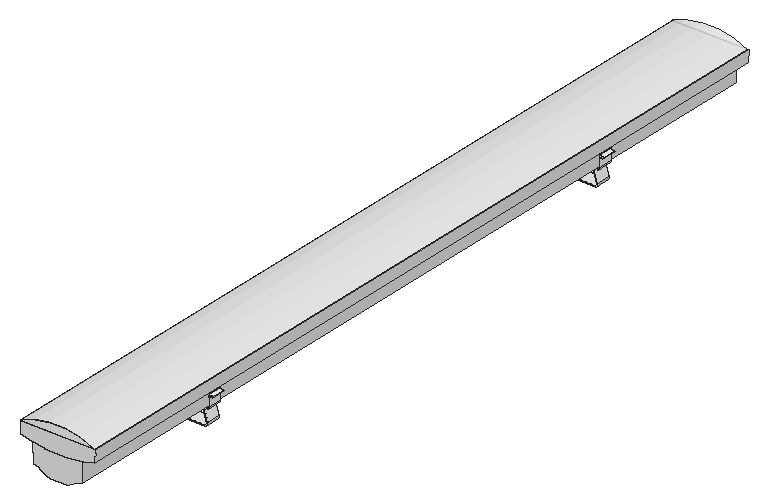
Revit family "Lighting-Industriale-GEWISS-SMART[3]PLUS-PLAFONIERA-LED_OPALE_1200mm", category Apparecchi per illuminazione, host Superficie, Revit 2019
Family settings
  Host = Superficie
  Quota connettore circolare = Usa diametro
  Tipo di parte = Normale
  Numero OmniClass = 23.80.70.11
  Titolo OmniClass = Luminaries for Internal Lighting
  Taglio con vuoti quando caricato = No
  Sorgente d'illuminazione = Sì
  Condiviso = No
  Punto di calcolo locali = No
Parameters (values of type "GWS3223AP957 - SMART3 PLUS 1200 T.W.DALI HE OPAL 9 57")
  Wattage = 27 W
  Visibilita_etichetta [instance] = yes
  Versione file RFA = "20.0"
  Variazione temperatura colore lampada con luminosità attenuata = (empty or 0)
  URL = "https://www.gewiss.com/it/it"
  Tipologia sorgente luminosa = "LED - Non sostituibile"
  Tipologia = "DALI"
  Tipo alimentatore = ""
  Tensione = "220-240 V "
  Temperatura di utilizzo = "-25 +50 °C"
  Temperatura di funzionamento = "-25 +50 °C"
  Temperatura di colore: = "5700 K (CRI > 90)"
  Temperatura di colore = "5700 K (CRI > 90)"
  built-in parameter 1150107 = 5700 (stored number, unit not read)
  Struttura = GEWISS - SMART 3 - GRIGIO
  Stampa 1_200 = no
  Stampa 1_100 = not(Stampa 1_200)  # yes
  Spostamento_Y_etichetta [instance] = 0 mm
  Spostamento_Y_effettivo_etichetta [instance] = 1500 mm - Spostamento_Y_etichetta  # 1500 mm
  Spostamento_X_etichetta [instance] = 0 mm
  Spostamento_X_effettivo_etichetta [instance] = 1500 mm - Spostamento_X_etichetta  # 1500 mm
  Schermo. = Gewiss - Led Acceso
  Schermo = "Opale"
  Scheda Tecnica = "https://www.gewiss.com/it/it/search?q=GWS3223AP957"
  SEO = "Plafoniera"
  Resistenza agli urti = "IK08"
  Default Elevation = 1219.2 mm
  Produttore = "GEWISS S.p.A."
  Potenza di sistema = "38 W"
  Peso (kg): = ""
  built-in parameter 1150110 = 1 (stored number, unit not read)
  built-in parameter 1150109 = 1 (stored number, unit not read)
  built-in parameter 1114218 = 1 (stored number, unit not read)
  built-in parameter 1150112 = 1 (stored number, unit not read)
  NÂ° LED (#) = ""
  Modello = "GWS3223AP957"
  built-in parameter 1150137 = (empty or 0)
  built-in parameter 1150132 = (empty or 0)
  Lunghezza Lampada = 1200 mm  # constant formula
  Lunghezza = "1200 mm"
  Lumen output (lm) = "3900"
  Lampada: = "LED"
  Lampada = "LED"
  LED LifeTime (L80B20) = ""
  LED Life time (L90B50) = ""
  LED Life time (L80B50) = ""
  LED Life time (L70) = ""
  built-in parameter 1150105 = 1406.7 (stored number, unit not read)
  built-in parameter 1150102 = (empty or 0)
  Type Image = GWS3136P.jpg
  built-in parameter 1150106 = 14.067 (stored number, unit not read)
  IFC.TypeObject = ""
  IFC.ExportType = ""
  IFC.ExportAs = ""
  IDT = "84740947-4458-4bd0-8500-a6808f406d3d"
  IDF = "21730bf6-da11-482f-b15b-c8c97d5f9984"
  Grado di protezione = "IP66/IP69"
  Glow Wire Test = "850°C"
  Garanzia = "5 anni"
  Ganci = GEWISS  - ALLUMINIO
  Flusso nominale (lm) = ""
  Lumens = 4010.63 lm
  Color Filter = 16777215
  File diagramma fotometrico = "GWS3223AP957.IES"
  built-in parameter 1114217 = 1 (stored number, unit not read)
  built-in parameter 1150139 = (empty or 0)
  Failure rate apparecchio (50.000h, Tq=25Â° C) = ""
  Failure rate apparecchio (35.000h, Tq=35Â° C) = ""
  Emetti da lunghezza linea = 700 mm
  built-in parameter 1150104 = 13.8 (stored number, unit not read)
  built-in parameter 1150115 = 1 (stored number, unit not read)
  built-in parameter 1150114 = 1 (stored number, unit not read)
  built-in parameter 1150113 = 1 (stored number, unit not read)
  Descrizione = "SMART3 PLUS 1200 T.W.DALI HE OPAL 9 57"
  Creato da GEWISS S.p.A. = ""
  Commenti sul wattaggio = "45W"
  built-in parameter 1150134 = (empty or 0)
  built-in parameter 1150138 = (empty or 0)
  Codice Electrocod = "2434"
  Codice EAN = ""
  Classe isolamento = "II"
  Classe di efficienza LED integrati = "A ÷ A++"
  Catalogo Serie = "SMART[3] PLUS"
  Catalogo = "LIGHTING"
  Carico apparente = 45 VA
  COBie.Tagnumber = ""
  COBie.CreatedOn = ""
  COBie.CreatebBy = ""
  COBie.ComponentRegisterItemID = ""
  COBie.Component.TagNumber = ""
  COBie.Component.Space = ""
  COBie.Component.SerialNumber = ""
  COBie.Component.InstallationDate = ""
  COBie.Component.Description = ""
  COBie.Component.BarCode = ""
  Applicazione = "Interno"
  Apparecchio a ridotta temperatura superficiale = ""
  Tilt Angle = -90.00°
  built-in parameter 1150133 = 10 (stored number, unit not read)
Types (25, lengths in mm): name | Wattage | Tipologia | Temperatura di colore: | Temperatura di colore | built-in parameter 1150107 | Scheda Tecnica | Potenza di sistema | Modello | Lumen output (lm) | built-in parameter 1150105 | built-in parameter 1150106 | IDT | Lumens | File diagramma fotometrico | Emetti da lunghezza linea | built-in parameter 1150104 | Descrizione | Commenti sul wattaggio | Carico apparente
  (no name) | 27 W | "DALI" | "5700 K (CRI > 90)" | "5700 K (CRI > 90)" | 5700 (stored number, unit not read) | "https://www.gewiss.com/it/it/search?q=GWS3223AP957" | "38 W" | "GWS3223AP957" | "3900" | 1406.7 (stored number, unit not read) | 14.067 (stored number, unit not read) | "84740947-4458-4bd0-8500-a6808f406d3d" | 4010.63 lm | "GWS3223AP957.IES" | 700 | 13.8 (stored number, unit not read) | "SMART3 PLUS 1200 T.W.DALI HE OPAL 9 57" | "45W" | 45 VA
  GWS3222AP840 - SMART3 PLUS 1200 T.W.ON/OFF HE OPAL 8 40 | 27 W | "" | "4000 K (CRI > 80)" | "4000 K (CRI > 80)" | 5700 (stored number, unit not read) | "https://www.gewiss.com/it/it/search?q=GWS3222AP840" | "36 W" | "GWS3222AP840" | "5000" | 1406.7 (stored number, unit not read) | 14.067 (stored number, unit not read) | "0d3f9429-c22b-475f-9636-5bf71b93c541" | 4010.63 lm | "GWS3222AP840.IES" | 700 | 13.8 (stored number, unit not read) | "SMART3 PLUS 1200 T.W.ON/OFF HE OPAL 8 40" | "43W" | 43 VA
  GWS3220AP940 - SMART3 PLUS 1200 ON/OFF HE OPAL 9 40 | 20 W | "" | "4000 K (CRI > 90)" | "4000 K (CRI > 90)" | 3000 (stored number, unit not read) | "https://www.gewiss.com/it/it/search?q=GWS3220AP940" | "36 W" | "GWS3220AP940" | "3900" | 15291.9 (stored number, unit not read) | 152.92 (stored number, unit not read) | "e7068b04-26ef-4bc0-babd-aa1d6982b062" | 43600 lm | "GWS3220AP940.IES" | 700 | 202.53 (stored number, unit not read) | "SMART3 PLUS 1200 ON/OFF HE OPAL 9 40" | "22W" | 22 VA
  GWS3220AP957 - SMART3 PLUS 1200 ON/OFF HE OPAL 9 57 | 27 W | "" | "5700 K (CRI > 90)" | "5700 K (CRI > 90)" | 5700 (stored number, unit not read) | "https://www.gewiss.com/it/it/search?q=GWS3220AP957" | "36 W" | "GWS3220AP957" | "3900" | 1406.7 (stored number, unit not read) | 14.067 (stored number, unit not read) | "a5b87bab-2ca1-41d5-a7b9-1111eeb238cd" | 4010.63 lm | "GWS3220AP957.IES" | 1000 | 13.8 (stored number, unit not read) | "SMART3 PLUS 1200 ON/OFF HE OPAL 9 57" | "22W" | 22 VA
  GWS3222AP930 - SMART3 PLUS 1200 T.W.ON/OFF HE OPAL 9 30 | 27 W | "" | "3000 K (CRI > 90)" | "3000 K (CRI > 90)" | 5700 (stored number, unit not read) | "https://www.gewiss.com/it/it/search?q=GWS3222AP930" | "36 W" | "GWS3222AP930" | "3700" | 1406.7 (stored number, unit not read) | 14.067 (stored number, unit not read) | "89a32d22-026f-4630-af17-26f132fc07e6" | 4010.63 lm | "GWS3222AP930.IES" | 700 | 13.8 (stored number, unit not read) | "SMART3 PLUS 1200 T.W.ON/OFF HE OPAL 9 30" | "45W" | 45 VA
  GWS3222AP857 - SMART3 PLUS 1200 T.W.ON/OFF HE OPAL 8 57 | 27 W | "" | "5700 K (CRI > 80)" | "5700 K (CRI > 80)" | 5700 (stored number, unit not read) | "https://www.gewiss.com/it/it/search?q=GWS3222AP857" | "36 W" | "GWS3222AP857" | "5000" | 1406.7 (stored number, unit not read) | 14.067 (stored number, unit not read) | "e7beca3f-74ad-4f4d-80ce-06d36035a6da" | 4010.63 lm | "GWS3222AP857.IES" | 700 | 13.8 (stored number, unit not read) | "SMART3 PLUS 1200 T.W.ON/OFF HE OPAL 8 57" | "45W" | 45 VA
  GWS3222AP957 - SMART3 PLUS 1200 T.W.ON/OFF HE OPAL 9 57 | 27 W | "" | "5700 K (CRI > 90)" | "5700 K (CRI > 90)" | 5700 (stored number, unit not read) | "https://www.gewiss.com/it/it/search?q=GWS3222AP957" | "36 W" | "GWS3222AP957" | "3900" | 1406.7 (stored number, unit not read) | 14.067 (stored number, unit not read) | "fb2d8e2f-31ae-46e2-8e76-3422ad898fdd" | 4010.63 lm | "GWS3222AP957.IES" | 700 | 13.8 (stored number, unit not read) | "SMART3 PLUS 1200 T.W.ON/OFF HE OPAL 9 57" | "45W" | 45 VA
  GWS3221AP830 - SMART3 PLUS 1200 DALI HE OPAL 8 30 | 27 W | "DALI" | "3000 K (CRI > 80)" | "3000 K (CRI > 80)" | 5700 (stored number, unit not read) | "https://www.gewiss.com/it/it/search?q=GWS3221AP830" | "38 W" | "GWS3221AP830" | "4700" | 1406.7 (stored number, unit not read) | 14.067 (stored number, unit not read) | "8df6979c-1043-4f18-a851-972a7536ec69" | 4010.63 lm | "GWS3221AP830.IES" | 1000 | 13.8 (stored number, unit not read) | "SMART3 PLUS 1200 DALI HE OPAL 8 30" | "20W" | 20 VA
  GWS3221AP840 - SMART3 PLUS 1200 DALI HE OPAL 8 40 | 27 W | "DALI" | "4000 K (CRI > 80)" | "4000 K (CRI > 80)" | 5700 (stored number, unit not read) | "https://www.gewiss.com/it/it/search?q=GWS3221AP840" | "38 W" | "GWS3221AP840" | "5000" | 1406.7 (stored number, unit not read) | 14.067 (stored number, unit not read) | "00e2a6ee-ce61-4677-a987-b92e7aec1671" | 4010.63 lm | "GWS3221AP840.IES" | 700 | 13.8 (stored number, unit not read) | "SMART3 PLUS 1200 DALI HE OPAL 8 40" | "20W" | 20 VA
  GWS3221AP857 - SMART3 PLUS 1200 DALI HE OPAL 8 57 | 27 W | "DALI" | "5700 K (CRI > 80)" | "5700 K (CRI > 80)" | 5700 (stored number, unit not read) | "https://www.gewiss.com/it/it/search?q=GWS3221AP857" | "38 W" | "GWS3221AP857" | "5000" | 1406.7 (stored number, unit not read) | 14.067 (stored number, unit not read) | "f4a89329-e9a9-43f2-8a98-1295551ec5b5" | 4010.63 lm | "GWS3221AP857.IES" | 700 | 13.8 (stored number, unit not read) | "SMART3 PLUS 1200 DALI HE OPAL 8 57" | "20W" | 20 VA
  GWS3221AP930 - SMART3 PLUS 1200 DALI HE OPAL 9 30 | 27 W | "DALI" | "3000 K (CRI > 90)" | "3000 K (CRI > 90)" | 5700 (stored number, unit not read) | "https://www.gewiss.com/it/it/search?q=GWS3221AP930" | "38 W" | "GWS3221AP930" | "3700" | 1406.7 (stored number, unit not read) | 14.067 (stored number, unit not read) | "baa6109a-3459-4c64-b184-4c6fbba45762" | 4010.63 lm | "GWS3221AP930.IES" | 700 | 13.8 (stored number, unit not read) | "SMART3 PLUS 1200 DALI HE OPAL 9 30" | "20W" | 20 VA
  GWS3221AP940 - SMART3 PLUS 1200 DALI HE OPAL 9 40 | 27 W | "DALI" | "4000 K (CRI > 90)" | "4000 K (CRI > 90)" | 5700 (stored number, unit not read) | "https://www.gewiss.com/it/it/search?q=GWS3221AP940" | "38 W" | "GWS3221AP940" | "3900" | 1406.7 (stored number, unit not read) | 14.067 (stored number, unit not read) | "15c28b0e-0032-4508-8b66-b33155fb1d73" | 4010.63 lm | "GWS3221AP940.IES" | 700 | 13.8 (stored number, unit not read) | "SMART3 PLUS 1200 DALI HE OPAL 9 40" | "20W" | 20 VA
  GWS3221AP957 - SMART3 PLUS 1200 DALI HE OPAL 9 57 | 27 W | "DALI" | "5700 K (CRI > 90)" | "5700 K (CRI > 90)" | 5700 (stored number, unit not read) | "https://www.gewiss.com/it/it/search?q=GWS3221AP957" | "38 W" | "GWS3221AP957" | "3900" | 1406.7 (stored number, unit not read) | 14.067 (stored number, unit not read) | "db1158eb-94b1-46af-8d42-f3143d372cd5" | 4010.63 lm | "GWS3221AP957.IES" | 700 | 13.8 (stored number, unit not read) | "SMART3 PLUS 1200 DALI HE OPAL 9 57" | "20W" | 20 VA
  GWS3223AP940 - SMART3 PLUS 1200 T.W.DALI HE OPAL 9 40 | 27 W | "DALI" | "4000 K (CRI > 90)" | "4000 K (CRI > 90)" | 5700 (stored number, unit not read) | "https://www.gewiss.com/it/it/search?q=GWS3223AP940" | "38 W" | "GWS3223AP940" | "3900" | 1406.7 (stored number, unit not read) | 14.067 (stored number, unit not read) | "86c8ca46-e5a8-4727-ba5f-19a50429f910" | 4010.63 lm | "GWS3223AP940.IES" | 700 | 13.8 (stored number, unit not read) | "SMART3 PLUS 1200 T.W.DALI HE OPAL 9 40" | "43W" | 43 VA
  GWS3222AP830 - SMART3 PLUS 1200 T.W.ON/OFF HE OPAL 8 30 | 27 W | "" | "3000 K (CRI > 80)" | "3000 K (CRI > 80)" | 5700 (stored number, unit not read) | "https://www.gewiss.com/it/it/search?q=GWS3222AP830" | "36 W" | "GWS3222AP830" | "4700" | 1406.7 (stored number, unit not read) | 14.067 (stored number, unit not read) | "49236bba-221f-4504-be8b-9bd25f0a9973" | 4010.63 lm | "GWS3222AP830.IES" | 700 | 13.8 (stored number, unit not read) | "SMART3 PLUS 1200 T.W.ON/OFF HE OPAL 8 30" | "43W" | 43 VA
  GWS3223AP830 - SMART3 PLUS 1200 T.W.DALI HE OPAL 8 30 | 27 W | "DALI" | "3000 K (CRI > 80)" | "3000 K (CRI > 80)" | 5700 (stored number, unit not read) | "https://www.gewiss.com/it/it/search?q=GWS3223AP830" | "38 W" | "GWS3223AP830" | "4700" | 1406.7 (stored number, unit not read) | 14.067 (stored number, unit not read) | "1118e45e-dcd3-4871-ba43-05d383a1b80a" | 4010.63 lm | "GWS3223AP830.IES" | 700 | 13.8 (stored number, unit not read) | "SMART3 PLUS 1200 T.W.DALI HE OPAL 8 30" | "43W" | 43 VA
  GWS3222AP940 - SMART3 PLUS 1200 T.W.ON/OFF HE OPAL 9 40 | 27 W | "" | "4000 K (CRI > 90)" | "4000 K (CRI > 90)" | 5700 (stored number, unit not read) | "https://www.gewiss.com/it/it/search?q=GWS3222AP940" | "36 W" | "GWS3222AP940" | "3900" | 1406.7 (stored number, unit not read) | 14.067 (stored number, unit not read) | "9c9d4890-e7fa-448e-b07c-88db7e59b219" | 4010.63 lm | "GWS3222AP940.IES" | 700 | 13.8 (stored number, unit not read) | "SMART3 PLUS 1200 T.W.ON/OFF HE OPAL 9 40" | "45W" | 45 VA
  GWS3223AP957 - SMART3 PLUS 1200 T.W.DALI HE OPAL 9 57 | 27 W | "DALI" | "5700 K (CRI > 90)" | "5700 K (CRI > 90)" | 5700 (stored number, unit not read) | "https://www.gewiss.com/it/it/search?q=GWS3223AP957" | "38 W" | "GWS3223AP957" | "3900" | 1406.7 (stored number, unit not read) | 14.067 (stored number, unit not read) | "84740947-4458-4bd0-8500-a6808f406d3d" | 4010.63 lm | "GWS3223AP957.IES" | 700 | 13.8 (stored number, unit not read) | "SMART3 PLUS 1200 T.W.DALI HE OPAL 9 57" | "45W" | 45 VA
  GWS3223AP840 - SMART3 PLUS 1200 T.W.DALI HE OPAL 8 40 | 27 W | "DALI" | "4000 K (CRI > 80)" | "4000 K (CRI > 80)" | 5700 (stored number, unit not read) | "https://www.gewiss.com/it/it/search?q=GWS3223AP840" | "38 W" | "GWS3223AP840" | "5000" | 1406.7 (stored number, unit not read) | 14.067 (stored number, unit not read) | "02848657-2dc2-44a1-b034-c52d90df2ab5" | 4010.63 lm | "GWS3223AP840.IES" | 700 | 13.8 (stored number, unit not read) | "SMART3 PLUS 1200 T.W.DALI HE OPAL 8 40" | "45W" | 45 VA
  GWS3220AP840 - SMART3 PLUS 1200 ON/OFF HE OPAL 8 40 | 27 W | "" | "4000 K (CRI > 80)" | "4000 K (CRI > 80)" | 5700 (stored number, unit not read) | "https://www.gewiss.com/it/it/search?q=GWS3220AP840" | "36 W" | "GWS3220AP840" | "5000" | 1406.7 (stored number, unit not read) | 14.067 (stored number, unit not read) | "ccb9315e-8b98-4913-a433-5ac34c7d87d2" | 4010.63 lm | "GWS3220AP840.IES" | 700 | 13.8 (stored number, unit not read) | "SMART3 PLUS 1200 ON/OFF HE OPAL 8 40" | "20W" | 20 VA
  GWS3220AP857 - SMART3 PLUS 1200 ON/OFF HE OPAL 8 57 | 27 W | "" | "5700 K (CRI > 80)" | "5700 K (CRI > 80)" | 5700 (stored number, unit not read) | "https://www.gewiss.com/it/it/search?q=GWS3220AP857" | "36 W" | "GWS3220AP857" | "5000" | 1406.7 (stored number, unit not read) | 14.067 (stored number, unit not read) | "0e4d414c-51cd-4b0b-8ef3-3038ca59cee3" | 4010.63 lm | "GWS3220AP857.IES" | 700 | 13.8 (stored number, unit not read) | "SMART3 PLUS 1200 ON/OFF HE OPAL 8 57" | "20W" | 20 VA
  GWS3220AP930 - SMART3 PLUS 1200 ON/OFF HE OPAL 9 30 | 27 W | "" | "3000 K (CRI > 90)" | "3000 K (CRI > 90)" | 5700 (stored number, unit not read) | "https://www.gewiss.com/it/it/search?q=GWS3220AP930" | "36 W" | "GWS3220AP930" | "3700" | 1406.7 (stored number, unit not read) | 14.067 (stored number, unit not read) | "31d907c3-c7c7-4312-9e3d-e90a70610cbd" | 4010.63 lm | "GWS3220AP930.IES" | 700 | 13.8 (stored number, unit not read) | "SMART3 PLUS 1200 ON/OFF HE OPAL 9 30" | "20W" | 20 VA
  GWS3223AP930 - SMART3 PLUS 1200 T.W.DALI HE OPAL 9 30 | 27 W | "DALI" | "3000 K (CRI > 90)" | "3000 K (CRI > 90)" | 5700 (stored number, unit not read) | "https://www.gewiss.com/it/it/search?q=GWS3223AP930" | "38 W" | "GWS3223AP930" | "3700" | 1406.7 (stored number, unit not read) | 14.067 (stored number, unit not read) | "c4e0bfc1-6811-4b7b-9053-68611e14df82" | 4010.63 lm | "GWS3223AP930.IES" | 700 | 13.8 (stored number, unit not read) | "SMART3 PLUS 1200 T.W.DALI HE OPAL 9 30" | "43W" | 43 VA
  GWS3223AP857 - SMART3 PLUS 1200 T.W.DALI HE OPAL 8 57 | 27 W | "DALI" | "5700 K (CRI > 80)" | "5700 K (CRI > 80)" | 5700 (stored number, unit not read) | "https://www.gewiss.com/it/it/search?q=GWS3223AP857" | "38 W" | "GWS3223AP857" | "5000" | 1406.7 (stored number, unit not read) | 14.067 (stored number, unit not read) | "5e684c26-3f32-4693-8877-4f8f00335e89" | 4010.63 lm | "GWS3223AP857.IES" | 700 | 13.8 (stored number, unit not read) | "SMART3 PLUS 1200 T.W.DALI HE OPAL 8 57" | "43W" | 43 VA
  GWS3220AP830 - SMART3 PLUS 1200 ON/OFF HE OPAL 8 30 | 27 W | "" | "3000 K (CRI > 80)" | "3000 K (CRI > 80)" | 5700 (stored number, unit not read) | "https://www.gewiss.com/it/it/search?q=GWS3220AP830" | "36 W" | "GWS3220AP830" | "4700" | 1406.7 (stored number, unit not read) | 14.067 (stored number, unit not read) | "a39845c1-0995-407d-b047-f61a10c9b95c" | 4010.63 lm | "GWS3220AP830.IES" | 700 | 13.8 (stored number, unit not read) | "SMART3 PLUS 1200 ON/OFF HE OPAL 8 30" | "20W" | 20 VA
Values of the unnamed type that differ from the named types
  Variazione temperatura colore lampada con luminosità attenuata = <Nessuno>
Reference planes
  plane 1 "Centro (Fronte/Retro)": y = 0
  plane 2: z = 0
  plane 3 "Centro (Sinistra/Destra)": x = 0
  plane 4: x = -1500
  plane 5: y = -1500
  plane 6: x = 0
  plane 7: y = 0
Forms (mm)
  Extrusion 1, solid, material "GEWISS  - ALLUMINIO" <- "Ganci", detail levels medium+fine
    sketch origin (0, 0, 0) x (1, 0, 0) y (0, 0, 1)
      loop
        arc (31.431, -0.002) -> (34.576, 1.589) -> (35.156, 5.066) r 3.903
        line (35.156, 5.066) -> (29.612, 23.211)
        arc (29.612, 23.211) -> (29.883, 24.381) -> (31.032, 24.73) r 1.2
        line (31.032, 24.73) -> (34.307, 23.974)
        arc (34.307, 23.974) -> (36.765, 24.53) -> (37.859, 26.8) r 2.9
        line (37.859, 26.8) -> (37.859, 38.8)
        arc (37.859, 38.8) -> (37.648, 39.694) -> (37.059, 40.4) r 2
        line (37.059, 40.4) -> (37.059, 42.71) -> (42.861, 40.598) -> (43.203, 41.538) -> (37.53, 43.603)
        arc (37.53, 43.603) -> (37.019, 43.613) -> (36.605, 43.311) r 0.8
        line (36.605, 43.311) -> (36.306, 26.139)
        arc (36.306, 26.139) -> (35.6, 25.444) -> (34.616, 25.34) r 1.5
        line (34.616, 25.34) -> (31.344, 26.095)
        arc (31.344, 26.095) -> (28.858, 25.335) -> (28.273, 22.802) r 2.6
        line (28.273, 22.802) -> (33.827, 4.636)
        arc (33.827, 4.636) -> (33.449, 2.415) -> (31.438, 1.4) r 2.5
        line (31.438, 1.4) -> (-31.437, 1.4)
        arc (-31.437, 1.4) -> (-33.449, 2.415) -> (-33.827, 4.636) r 2.5
        line (-33.827, 4.636) -> (-28.273, 22.802)
        arc (-28.273, 22.802) -> (-28.858, 25.335) -> (-31.344, 26.095) r 2.6
        line (-31.344, 26.095) -> (-34.616, 25.34)
        arc (-34.616, 25.34) -> (-35.6, 25.444) -> (-36.306, 26.139) r 1.5
        line (-36.306, 26.139) -> (-36.605, 43.311)
        arc (-36.605, 43.311) -> (-37.019, 43.613) -> (-37.53, 43.603) r 0.8
        line (-37.53, 43.603) -> (-43.203, 41.538) -> (-42.861, 40.598) -> (-37.059, 42.71) -> (-37.059, 40.4)
        arc (-37.059, 40.4) -> (-37.648, 39.694) -> (-37.859, 38.8) r 2
        line (-37.859, 38.8) -> (-37.859, 26.8)
        arc (-37.859, 26.8) -> (-36.765, 24.53) -> (-34.307, 23.974) r 2.9
        line (-34.307, 23.974) -> (-31.032, 24.73)
        arc (-31.032, 24.73) -> (-29.883, 24.381) -> (-29.612, 23.211) r 1.2
        line (-29.612, 23.211) -> (-35.156, 5.066)
        arc (-35.156, 5.066) -> (-34.576, 1.589) -> (-31.431, -0.002) r 3.903
        line (-31.431, -0.002) -> (31.431, -0.002)
    from 348.766 to 368.766
  Extrusion 2, solid, material "GEWISS  - ALLUMINIO" <- "Ganci", detail levels medium+fine
    sketch origin (0, 0, 0) x (1, 0, 0) y (0, 0, -1)
      loop
        line (31.431, 0.002) -> (-31.431, 0.002)
        arc (-31.431, 0.002) -> (-34.576, -1.589) -> (-35.156, -5.066) r 3.903
        line (-35.156, -5.066) -> (-29.612, -23.211)
        arc (-29.612, -23.211) -> (-29.883, -24.381) -> (-31.032, -24.73) r 1.2
        line (-31.032, -24.73) -> (-34.307, -23.974)
        arc (-34.307, -23.974) -> (-36.765, -24.53) -> (-37.859, -26.8) r 2.9
        line (-37.859, -26.8) -> (-37.859, -38.8)
        arc (-37.859, -38.8) -> (-37.648, -39.694) -> (-37.059, -40.4) r 2
        line (-37.059, -40.4) -> (-37.059, -42.71) -> (-42.861, -40.598) -> (-43.203, -41.538) -> (-37.53, -43.603)
        arc (-37.53, -43.603) -> (-37.019, -43.613) -> (-36.605, -43.311) r 0.8
        line (-36.605, -43.311) -> (-36.306, -26.139)
        arc (-36.306, -26.139) -> (-35.6, -25.444) -> (-34.616, -25.34) r 1.5
        line (-34.616, -25.34) -> (-31.344, -26.095)
        arc (-31.344, -26.095) -> (-28.858, -25.335) -> (-28.273, -22.802) r 2.6
        line (-28.273, -22.802) -> (-33.827, -4.636)
        arc (-33.827, -4.636) -> (-33.449, -2.415) -> (-31.437, -1.4) r 2.5
        line (-31.437, -1.4) -> (31.438, -1.4)
        arc (31.438, -1.4) -> (33.449, -2.415) -> (33.827, -4.636) r 2.5
        line (33.827, -4.636) -> (28.273, -22.802)
        arc (28.273, -22.802) -> (28.858, -25.335) -> (31.344, -26.095) r 2.6
        line (31.344, -26.095) -> (34.616, -25.34)
        arc (34.616, -25.34) -> (35.6, -25.444) -> (36.306, -26.139) r 1.5
        line (36.306, -26.139) -> (36.605, -43.311)
        arc (36.605, -43.311) -> (37.019, -43.613) -> (37.53, -43.603) r 0.8
        line (37.53, -43.603) -> (43.203, -41.538) -> (42.861, -40.598) -> (37.059, -42.71) -> (37.059, -40.4)
        arc (37.059, -40.4) -> (37.648, -39.694) -> (37.859, -38.8) r 2
        line (37.859, -38.8) -> (37.859, -26.8)
        arc (37.859, -26.8) -> (36.765, -24.53) -> (34.307, -23.974) r 2.9
        line (34.307, -23.974) -> (31.032, -24.73)
        arc (31.032, -24.73) -> (29.883, -24.381) -> (29.612, -23.211) r 1.2
        line (29.612, -23.211) -> (35.156, -5.066)
        arc (35.156, -5.066) -> (34.576, -1.589) -> (31.431, 0.002) r 3.903
    from 348.766 to 368.766
  Extrusion 3, solid, material "GEWISS - SMART 3 - GRIGIO" <- "Struttura", detail levels medium+fine
    sketch origin (0, 0, 0) x (1, 0, 0) y (0, 0, 1)
      loop
        line (-36.331, 55.757) -> (-35.847, 28.018)
        arc (-35.847, 28.018) -> (-33.139, 27.27) -> (-30.416, 26.58) r 129.5
        arc (-30.416, 26.58) -> (-28.066, 25.76) -> (-25.915, 24.506) r 13
        arc (-25.915, 24.506) -> (-24.23, 23.324) -> (-22.521, 22.178) r 99.5
        arc (-22.521, 22.178) -> (-16.401, 19.063) -> (-9.748, 17.365) r 31.146
        line (-9.748, 17.365) -> (12.491, 17.365)
        arc (12.491, 17.365) -> (17.822, 19.098) -> (22.764, 21.745) r 31.646
        arc (22.764, 21.745) -> (24.509, 22.915) -> (26.228, 24.122) r 100
        arc (26.228, 24.122) -> (28.283, 25.313) -> (30.525, 26.095) r 12.5
        arc (30.525, 26.095) -> (33.437, 26.834) -> (36.332, 27.64) r 130
        line (36.332, 27.64) -> (36.824, 55.851)
        arc (36.824, 55.851) -> (24.914, 53.937) -> (12.909, 52.764) r 195.047
        line (12.909, 52.764) -> (-12.909, 52.764)
        arc (-12.909, 52.764) -> (-24.665, 53.905) -> (-36.331, 55.757) r 195.047
    from -600 to 600
  Extrusion 4, solid, material "GEWISS - SMART 3 - GRIGIO" <- "Struttura", detail levels medium+fine
    sketch origin (0, 0, 0) x (1, 0, 0) y (0, 0, 1)
      loop
        line (54.725, 60.184) -> (55.177, 77.445) -> (-55.177, 77.445) -> (-54.725, 60.184)
        arc (-54.725, 60.184) -> (-34.019, 55.332) -> (-12.909, 52.764) r 195.047
        line (-12.909, 52.764) -> (12.909, 52.764)
        arc (12.909, 52.764) -> (34.019, 55.332) -> (54.725, 60.184) r 195.047
    from -600 to 600
  Extrusion 5, solid, material "Gewiss - Led Acceso" <- "Schermo.", detail levels medium+fine
    sketch origin (0, 0, 0) x (1, 0, 0) y (0, 0, 1)
      loop
        arc (54.697, 78.441) -> (-0.014, 90.457) -> (-54.723, 78.429) r 130.5
        arc (-54.723, 78.429) -> (-54.988, 77.838) -> (-54.5, 77.445) r 0.5
        line (-54.5, 77.445) -> (54.479, 77.445)
        arc (54.479, 77.445) -> (54.988, 77.855) -> (54.697, 78.441) r 0.522
    from -600 to 600
  Extrusion 6, solid, material "GEWISS - SMART 3 - GRIGIO" <- "Struttura", detail levels coarse
    sketch origin (0, 0, 0) x (1, 0, 0) y (0, 0, 1)
      loop
        line (-54.5, 90.439) -> (-54.5, 0) -> (54.5, 0) -> (54.5, 90.439) -> (-54.5, 90.439)
    from -600 to 600
Lines and regions (mm)
  Masking region 1
    outline origin (0, 0, 0) x (1, 0, 0) y (0, 1, 0)
      loop
        line (-55.177, 600) -> (-55.177, -600) -> (55.177, -600) -> (55.177, 600) -> (-55.177, 600)
  symbolic lines, style "GEWISS - LIGHT 2D"
    curve 1: line (0, 488.766, 0) -> (0, -535.897, 0)
Dimensions and locks
  plane 4 to plane 3 "Centro (Sinistra/Destra)" = 1500 mm
  "Spostamento_X_effettivo_etichetta": plane 4 to plane 6
  plane 1 "Centro (Fronte/Retro)" to plane 5 = 1500 mm
  "Spostamento_Y_effettivo_etichetta": plane 7 to plane 5
  aligned and locked: plane 2 to host face
  aligned and locked: level to host face
  aligned and locked: Masking region 1 sketch curve to Extrusion 4  (x4)
  aligned and locked: nested 1 to plane 7
  aligned and locked: plane 6 to nested 1
  aligned and locked: curve 1 to plane 3 "Centro (Sinistra/Destra)"
Automatic sketch dimensions
  host sketch curve to host sketch curve = 2438.4 mm  (x2)
  Extrusion 1 sketch curve to Extrusion 1 sketch curve = 0 mm  (x28)
  Extrusion 1 sketch curve to plane 3 "Centro (Sinistra/Destra)" = 43.203 mm
  level to Extrusion 1 sketch curve = 40.598 mm
  Extrusion 1 sketch curve to Extrusion 1 sketch curve = 0.342 mm  (x2)
  Extrusion 1 sketch curve to Extrusion 1 sketch curve = 5.002 mm  (x2)
  Extrusion 1 sketch curve to Extrusion 1 sketch curve = 0.329 mm
  Extrusion 1 sketch curve to Extrusion 1 sketch curve = 0.271 mm  (x2)
  Extrusion 1 sketch curve to Extrusion 1 sketch curve = 0.8 mm  (x2)
  Extrusion 1 sketch curve to Extrusion 1 sketch curve = 0.454 mm  (x2)
  Extrusion 1 sketch curve to Extrusion 1 sketch curve = 1.554 mm
  Extrusion 1 sketch curve to Extrusion 1 sketch curve = 2 mm
  level to Extrusion 1 sketch curve = 5.066 mm  (x2)
  Extrusion 1 sketch curve to Extrusion 1 sketch curve = 1.15 mm
  Extrusion 1 sketch curve to Extrusion 1 sketch curve = 1.346 mm  (x2)
  Extrusion 1 sketch curve to Extrusion 1 sketch curve = 0.343 mm  (x2)
  level to Extrusion 1 sketch curve = 4.636 mm  (x2)
  Extrusion 1 sketch curve to Extrusion 1 sketch curve = 1.329 mm  (x2)
  level to Extrusion 1 sketch curve = 1.4 mm
  Extrusion 1 sketch curve to Extrusion 1 sketch curve = 2.389 mm  (x2)
  Extrusion 1 sketch curve to Extrusion 1 sketch curve = 0.007 mm  (x2)
  Extrusion 1 sketch curve to Extrusion 1 sketch curve = 3.584 mm  (x2)
  Extrusion 1 sketch curve to Extrusion 1 sketch curve = 0.273 mm  (x2)
  plane 3 "Centro (Sinistra/Destra)" to Extrusion 1 sketch curve = 30.759 mm
  Extrusion 1 sketch curve to level = 0.002 mm
  Extrusion 1 sketch curve to Extrusion 1 sketch curve = 0.672 mm
  Extrusion 1 sketch curve to Extrusion 1 sketch curve = 0.9 mm
  level to Extrusion 1 sketch curve = 26.139 mm
  Extrusion 1 sketch curve to Extrusion 1 sketch curve = 0.746 mm
  Extrusion 1 sketch curve to Extrusion 1 sketch curve = 0.2 mm
  Extrusion 1 sketch curve to Extrusion 1 sketch curve = 2.577 mm
  Extrusion 1 sketch curve to Extrusion 1 sketch curve = 18.496 mm
  Extrusion 1 sketch curve to Extrusion 1 sketch curve = 1.169 mm  (x2)
  Extrusion 1 sketch curve to Extrusion 1 sketch curve = 0.799 mm  (x2)
  Extrusion 1 sketch curve to Extrusion 1 sketch curve = 0.609 mm
  Extrusion 1 sketch curve to Extrusion 1 sketch curve = 1.798 mm  (x2)
  Extrusion 1 sketch curve to Extrusion 1 sketch curve = 12 mm
  Extrusion 1 sketch curve to Extrusion 1 sketch curve = 0.94 mm  (x2)
  Extrusion 1 sketch curve to Extrusion 1 sketch curve = 0.14 mm  (x2)
  Extrusion 1 sketch curve to Extrusion 1 sketch curve = 0.309 mm  (x2)
  Extrusion 1 sketch curve to Extrusion 1 sketch curve = 0.312 mm  (x2)
  Extrusion 1 sketch curve to Extrusion 1 sketch curve = 1.148 mm  (x2)
  Extrusion 1 sketch curve to Extrusion 1 sketch curve = 1.339 mm
  Extrusion 1 sketch curve to Extrusion 1 sketch curve = 2.486 mm
  Extrusion 1 sketch curve to Extrusion 1 sketch curve = 0.409 mm  (x2)
  Extrusion 2 sketch curve to Extrusion 2 sketch curve = 0 mm  (x28)
  Extrusion 2 sketch curve to plane 3 "Centro (Sinistra/Destra)" = 43.203 mm
  level to Extrusion 2 sketch curve = 40.598 mm
  Extrusion 2 sketch curve to Extrusion 2 sketch curve = 0.342 mm  (x2)
  Extrusion 2 sketch curve to Extrusion 2 sketch curve = 5.002 mm  (x2)
  Extrusion 2 sketch curve to Extrusion 2 sketch curve = 0.329 mm
  Extrusion 2 sketch curve to Extrusion 2 sketch curve = 0.271 mm  (x2)
  Extrusion 2 sketch curve to Extrusion 2 sketch curve = 0.8 mm  (x2)
  Extrusion 2 sketch curve to Extrusion 2 sketch curve = 0.454 mm  (x2)
  Extrusion 2 sketch curve to Extrusion 2 sketch curve = 1.554 mm
  Extrusion 2 sketch curve to Extrusion 2 sketch curve = 2 mm
  level to Extrusion 2 sketch curve = 5.066 mm  (x2)
  Extrusion 2 sketch curve to Extrusion 2 sketch curve = 1.15 mm
  Extrusion 2 sketch curve to Extrusion 2 sketch curve = 1.346 mm  (x2)
  Extrusion 2 sketch curve to Extrusion 2 sketch curve = 0.343 mm  (x2)
  level to Extrusion 2 sketch curve = 4.636 mm  (x2)
  Extrusion 2 sketch curve to Extrusion 2 sketch curve = 1.329 mm  (x2)
  level to Extrusion 2 sketch curve = 1.4 mm
  Extrusion 2 sketch curve to Extrusion 2 sketch curve = 2.389 mm  (x2)
  Extrusion 2 sketch curve to Extrusion 2 sketch curve = 0.007 mm  (x2)
  Extrusion 2 sketch curve to Extrusion 2 sketch curve = 3.584 mm  (x2)
  Extrusion 2 sketch curve to Extrusion 2 sketch curve = 0.273 mm  (x2)
  plane 3 "Centro (Sinistra/Destra)" to Extrusion 2 sketch curve = 30.759 mm
  Extrusion 2 sketch curve to level = 0.002 mm
  Extrusion 2 sketch curve to Extrusion 2 sketch curve = 0.672 mm
  Extrusion 2 sketch curve to Extrusion 2 sketch curve = 0.9 mm
  level to Extrusion 2 sketch curve = 26.139 mm
  Extrusion 2 sketch curve to Extrusion 2 sketch curve = 0.746 mm
  Extrusion 2 sketch curve to Extrusion 2 sketch curve = 0.2 mm
  Extrusion 2 sketch curve to Extrusion 2 sketch curve = 14.46 mm
  Extrusion 2 sketch curve to Extrusion 2 sketch curve = 0.94 mm  (x2)
  Extrusion 2 sketch curve to Extrusion 2 sketch curve = 0.14 mm  (x2)
  Extrusion 2 sketch curve to Extrusion 2 sketch curve = 2.31 mm  (x2)
  Extrusion 2 sketch curve to Extrusion 2 sketch curve = 12 mm
  Extrusion 2 sketch curve to Extrusion 2 sketch curve = 0.661 mm  (x2)
  Extrusion 2 sketch curve to Extrusion 2 sketch curve = 0.609 mm  (x2)
  Extrusion 2 sketch curve to Extrusion 2 sketch curve = 1.169 mm  (x2)
  Extrusion 2 sketch curve to Extrusion 2 sketch curve = 0.309 mm  (x2)
  Extrusion 2 sketch curve to Extrusion 2 sketch curve = 0.312 mm  (x2)
  Extrusion 2 sketch curve to Extrusion 2 sketch curve = 1.148 mm  (x2)
  Extrusion 2 sketch curve to Extrusion 2 sketch curve = 1.339 mm
  Extrusion 2 sketch curve to Extrusion 2 sketch curve = 2.486 mm
  Extrusion 2 sketch curve to Extrusion 2 sketch curve = 1.365 mm  (x2)
  Extrusion 3 sketch curve to plane 3 "Centro (Sinistra/Destra)" = 36.331 mm
  Extrusion 3 sketch curve to Extrusion 3 sketch curve = 0.484 mm
  Extrusion 3 sketch curve to Extrusion 3 sketch curve = 2.34 mm
  Extrusion 3 sketch curve to plane 3 "Centro (Sinistra/Destra)" = 32.068 mm
  Extrusion 3 sketch curve to plane 3 "Centro (Sinistra/Destra)" = 12.909 mm
  Extrusion 3 sketch curve to plane 3 "Centro (Sinistra/Destra)" = 9.748 mm
  Extrusion 3 sketch curve to plane 3 "Centro (Sinistra/Destra)" = 5.421 mm
  Extrusion 3 sketch curve to plane 3 "Centro (Sinistra/Destra)" = 0.057 mm
  Extrusion 3 sketch curve to plane 3 "Centro (Sinistra/Destra)" = 0.007 mm
  Extrusion 3 sketch curve to plane 3 "Centro (Sinistra/Destra)" = 0.001 mm
  plane 3 "Centro (Sinistra/Destra)" to Extrusion 3 sketch curve = 0.057 mm
  plane 3 "Centro (Sinistra/Destra)" to Extrusion 3 sketch curve = 5.412 mm
  plane 3 "Centro (Sinistra/Destra)" to Extrusion 3 sketch curve = 12.491 mm
  Extrusion 3 sketch curve to Extrusion 3 sketch curve = 7.496 mm
  plane 3 "Centro (Sinistra/Destra)" to Extrusion 3 sketch curve = 32.059 mm
  Extrusion 3 sketch curve to Extrusion 3 sketch curve = 21.008 mm
  Extrusion 3 sketch curve to Extrusion 3 sketch curve = 2.833 mm
  Extrusion 3 sketch curve to Extrusion 3 sketch curve = 23.916 mm
  level to Extrusion 3 sketch curve = 13.953 mm  (x2)
  level to Extrusion 3 sketch curve = 17.365 mm  (x2)
  Extrusion 3 sketch curve to Extrusion 3 sketch curve = 13.687 mm
  Extrusion 3 sketch curve to Extrusion 3 sketch curve = 14.064 mm
  Extrusion 3 sketch curve to Extrusion 3 sketch curve = 30.844 mm
  Extrusion 3 sketch curve to Extrusion 3 sketch curve = 0 mm  (x3)
  Extrusion 3 sketch curve to Extrusion 3 sketch curve = 4.555 mm
  Extrusion 3 sketch curve to Extrusion 3 sketch curve = 2.993 mm
  Extrusion 3 sketch curve to Extrusion 3 sketch curve = 3.087 mm
  Extrusion 3 sketch curve to Extrusion 3 sketch curve = 49.52 mm
  Extrusion 3 sketch curve to Extrusion 3 sketch curve = 49.615 mm
  Extrusion 3 sketch curve to Extrusion 3 sketch curve = 47.089 mm
  Extrusion 3 sketch curve to Extrusion 3 sketch curve = 5.431 mm
  Extrusion 3 sketch curve to Extrusion 3 sketch curve = 4.5 mm
  Extrusion 3 sketch curve to Extrusion 3 sketch curve = 10.273 mm
  Extrusion 3 sketch curve to Extrusion 3 sketch curve = 3.465 mm
  Extrusion 3 sketch curve to Extrusion 3 sketch curve = 4.297 mm
  Extrusion 4 sketch curve to plane 3 "Centro (Sinistra/Destra)" = 55.177 mm
  Extrusion 4 sketch curve to Extrusion 4 sketch curve = 0.452 mm  (x2)
  Extrusion 4 sketch curve to plane 3 "Centro (Sinistra/Destra)" = 12.909 mm
  Extrusion 4 sketch curve to plane 3 "Centro (Sinistra/Destra)" = 0.057 mm
  plane 3 "Centro (Sinistra/Destra)" to Extrusion 4 sketch curve = 0.057 mm
  plane 3 "Centro (Sinistra/Destra)" to Extrusion 4 sketch curve = 12.909 mm
  Extrusion 4 sketch curve to Extrusion 4 sketch curve = 41.816 mm
  level to Extrusion 4 sketch curve = 52.764 mm
  Extrusion 4 sketch curve to Extrusion 4 sketch curve = 7.42 mm  (x2)
  Extrusion 4 sketch curve to Extrusion 4 sketch curve = 17.262 mm
  Extrusion 5 sketch curve to plane 3 "Centro (Sinistra/Destra)" = 0 mm
  Extrusion 5 sketch curve to plane 3 "Centro (Sinistra/Destra)" = 54.5 mm
  plane 3 "Centro (Sinistra/Destra)" to Extrusion 5 sketch curve = 54.479 mm
  Extrusion 5 sketch curve to level = 40.043 mm
  level to Extrusion 5 sketch curve = 77.445 mm
  Extrusion 5 sketch curve to Extrusion 5 sketch curve = 0.5 mm
  Extrusion 5 sketch curve to Extrusion 5 sketch curve = 0.522 mm
  Extrusion 5 sketch curve to Extrusion 5 sketch curve = 0.21 mm
  Extrusion 5 sketch curve to Extrusion 5 sketch curve = 0.014 mm
  Extrusion 5 sketch curve to Extrusion 5 sketch curve = 0 mm
  Extrusion 6 sketch curve to level = 0 mm
  Extrusion 6 sketch curve to plane 3 "Centro (Sinistra/Destra)" = 54.5 mm
  plane 3 "Centro (Sinistra/Destra)" to Extrusion 6 sketch curve = 54.5 mm
  Extrusion 6 sketch curve to Extrusion 6 sketch curve = 90.439 mm
  plane 1 "Centro (Fronte/Retro)" to curve 1 = 535.897 mm
  curve 1 to plane 1 "Centro (Fronte/Retro)" = 488.766 mm
Nested families
  nested 1: "ETICHETTA WATTAGGIO" at (0, 0, 0), visible <- "Visibilita_etichetta", type "ETICHETTA WATTAGGIO"
Connectors
  electrical at (0, 0, 0), driven by "Carico apparente"
    settings: on Masking region 1, index 1, voltage 230 V, apparent load 0 VA, apparent load phase1 45 VA, apparent load phase2 0 VA, apparent load phase3 0 VA, power factor 1, load classification "Illuminazione", number of poles 2, system type 31, power factor state 1, is connector primary yes, connector utility no, sub classification motor no, connector description ""
Definition of nested family "ETICHETTA WATTAGGIO"
  Parameters (values of type "ETICHETTA WATTAGGIO")
    GW - Potenza di sistema = ""
    GW - Numero LED = ""
    COMMENTI = "13W"
    1_200 = no
    1_100 = yes
  Reference planes
    plane 1: y = 0
    plane 2: x = 0
  Text (mm)
    label "GW - Potenza di sistema\nGW - Numero LED LED" at (-0.057, -0.214, 0), shows "GW - Potenza di sistema", "GW - Numero LED", visible <- "1_100"
    label "GW - Potenza di sistema\nGW - Numero LED LED " at (-0.057, -0.214, 0), shows "GW - Potenza di sistema", "GW - Numero LED", visible <- "1_200"
